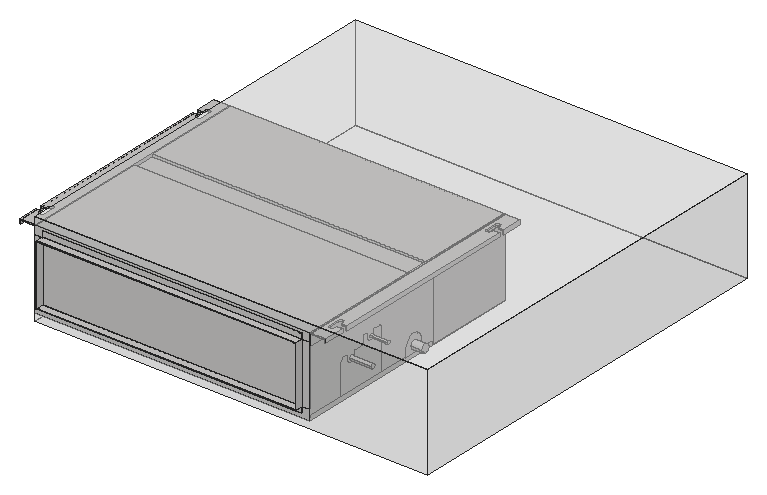
Revit family "outputfile", category 機械設備, Revit 2024
Family settings
  丸型コネクタ寸法 = 半径を使用
  パーツ タイプ = 標準
  OmniClass 番号 = 23.75.10.24.21.27.27
  OmniClass タイトル = Split System Air Conditioning Units
  作業面ベース = いいえ
  常に垂直 = はい
  ロード時にボイドで切り取り = いいえ
  注釈の向きを維持 = いいえ
  共有 = いいえ
  部屋計算ポイント = はい
Parameters (values of type "FDKS25EAVMB")
  Description = ""
  書き出し IFC クラス(タイプ) = "IfcUnitaryEquipmentType"
  定義済み IFC タイプ(タイプ) = "AIRCONDITIONINGUNIT"
  Cost = 0
  Type Comments = ""
  Keynote = ""
  Type Image = (empty or 0)
  Assembly Code = ""
  switch_frequency = yes
  ld_powersupply = Depth / 2  # 310.0 mm
  製造元 = "Daikin"
  モデル = "FDKS25EAVMB"
  r_Liquid Pipe Size = Liquid Pipe Size / 2  # 3.2 mm
  r_Gas Pipe Size = Gas Pipe Size / 2  # 4.75 mm
  r_Drain Pipe Size = Drain Pipe Size / 2  # 10.0 mm
  lw_powersupply = 50.0 mm  # constant formula
  lw_ductflange2 = 620.0 mm
  lw_Width = 660.0 mm
  lh_suctionflange [instance] = 100.0 mm  # constant formula
  ld_suctionflange [instance] = if(Rear Connection_Return Air, 190.0 mm, 100.0 mm)  # 190.0 mm
  connector_voltage = Voltage_50Hz  # 230 V
  connector_powerinput = [Power Input (Cooling)]  # 0.000 kW
  connector_phase = Phase_50Hz  # 1
  angle_vertical_RA [instance] = if(Rear Connection_Return Air, 90.00°, 0.00°)  # 90.00°
  angle horizontal_RA [instance] = if(Rear Connection_Return Air, 180.00°, 270.00°)  # 180.00°
  Voltage_comment_50Hz = "220 - 240"
  Voltage_50Hz = 230 V
  URL = ""
  Supply Air Direction [instance] = yes
  Sound Power Level_H speed (dB) = 0
  Rear Connection_Return Air [instance] = not(Bottom Connection_Return Air)  # yes
  RA_length [instance] = if(Rear Connection_Return Air, 190.0 mm, 100.0 mm)  # 190.0 mm
  Phase_50Hz = 1
  Minimum External Static Pressure = 0.00 Pa
  Minimum Circuit Amps_50Hz = 0.0 A
  Maximum Fuse Amps_50Hz = 0.0 A
  Maximum External Static Pressure = 30.00 Pa
  Material_Casing = DAIKIN_GalvanizedSteel_Casing_indoorunit
  lw_liquidpipe = 46.0 mm  # constant formula
  lw_gaspipe = 57.0 mm  # constant formula
  lw_mountinghole = 740.0 mm
  lw_drainpipe = 30.0 mm  # constant formula
  lh_powersupply = 150.0 mm  # constant formula
  lh_liquidpipe = 90.0 mm  # constant formula
  lh_gaspipe = 113.0 mm  # constant formula
  lh_mountinghole = Height  # 200.0 mm
  lh_drainpipe = 170.0 mm  # constant formula
  lh_antena = 1.0 mm  # constant formula
  ld_liquidpipe = 193.0 mm  # constant formula
  ld_gaspipe = 130.0 mm  # constant formula
  ld_mountinghole = 500.0 mm  # constant formula
  ld_drainpipe = 330.0 mm  # constant formula
  ld_controlbox = 626.0 mm  # constant formula
  h*** = 0.0 mm  # constant formula
  d_dischargeflange = 21.2 mm  # constant formula
  Width = 700.0 mm
  Version = "ver.1.0"
  Unit Type = "Duct (L.S.P)"
  Unit Mass Weight = 21.00 kg
  Unit Designation [instance] = ""
  Uniclass2015Version = "Products v1.30"
  Uniclass2015Title = "Split coil room air conditioning units"
  Uniclass2015Code = "Pr_70_65_03_86"
  Total Cooling Capacity [instance] = 0.000 kW
  Sound Pressure Level_M speed (dBA) = 33
  Sound Pressure Level_L speed (dBA) = 31
  Sound Pressure Level_H speed (dBA) = 35
  Series = "Multi Split_Fan Coil Unit"
  Sensible Cooling Capacity [instance] = 0.000 kW
  SA Duct Size Width = 660.0 mm
  SA Duct Size Height = 153.0 mm
  Refrigerant Type = "R410A"
  RA Duct Size Width = 580.0 mm
  RA Duct Size Height = 160.0 mm
  Power Input (Cooling) = 0.000 kW
  Option Accessory 3 [instance] = ""
  Option Accessory 2 [instance] = ""
  Option Accessory 1 [instance] = ""
  Nominal Cooling Capacity = 2.500 kW
  Minimum Airflow = 438.00 m³/h
  Median Airflow = 480.00 m³/h
  Maximum Airflow = 522.00 m³/h
  Load Classification = HVAC
  Liquid Pipe Size = 6.4 mm
  Link_Nested Family [instance] = ""
  IfcVersion = ""
  IfcExportType = "AIRCONDITIONINGUNIT"
  IfcExportAs = "IfcUnitaryEquipmentType"
  Height = 200.0 mm
  Heat Exchanger Type = "Cross Fin Coil"
  Gas Pipe Size = 9.5 mm
  Frequency_50Hz = 50 Hz
  Fan Type = "Sirocco Fan"
  Fan Drive = "Direct Drive"
  FCU Tag No. [instance] = ""
  Drain Pipe Size = 20.0 mm
  Design Supply Airflow [instance] = 0.00 m³/h
  Design Return Airflow [instance] = 0.00 m³/h
  Design External Static Pressure [instance] = 0.00 Pa
  Depth = 620.0 mm
  既定の高さ = 0.0 mm
  Cooling Entering Wet Bulb Temperature [instance] = 0.00 °C
  Cooling Entering Dry Bulb Temperature [instance] = 0.00 °C
  Cooling Ambient Wet Bulb Temperature [instance] = 0.00 °C
  Cooling Ambient Dry Bulb Temperature [instance] = 0.00 °C
  Clearance visibility [instance] = yes
  Clearance Top = 20.0 mm
  Clearance Right = 300.0 mm
  Clearance Rear = 400.0 mm
  Clearance Left = 0.0 mm
  Clearance Front = 0.0 mm
  Clearance Bottom = 20.0 mm
  Bottom Connection_Return Air [instance] = no
Reference planes
  plane 1 "Center (Front/Back)": y = 0
  plane 2: z = 0
  plane 3 "Center (Left/Right)": x = 0
  plane 4 "Back": y = 310
  plane 5 "Front": y = -310
  plane 6 "Left": x = -350
  plane 7 "Right": x = 350
  plane 8 "Top": z = 0
  plane 9 "Bottom": z = -200
  plane 10: x = -370
  plane 11: x = 370
  plane 12: y = 250
  plane 13: z = 0
  plane 14 "Clearance Left": x = -350
  plane 15 "Clearance Right": x = 650
  plane 16 "Clearance Rear": y = 710
  plane 17 "Clearance Front": y = -310
  plane 18 "Clearance Top": z = 20
  plane 19 "Clearance Bottom": z = -220
  plane 20: y = -250
  plane 21: z = -21
  plane 22: z = -97.5
  plane 23: x = -40
  plane 24: y = 120
  plane 25: z = -100
  plane 26: y = -180
  plane 27: z = -113
  plane 28: y = -117
  plane 29: z = -90
  plane 30: y = 20
  plane 31: z = -170
  plane 32: x = 407
  plane 33: x = 396
  plane 34: x = 380
  plane 35: x = 300
  plane 36: z = -150
Forms (mm)
  Extrusion 1, solid, material "DAIKIN_GalvanizedSteel_Casing_indoorunit" <- "Material_Casing"
    sketch origin (0, 0, 0) x (1, 0, 0) y (0, 1, 0)
      loop
        line (-350, -310) -> (350, -310) -> (350, 310) -> (-350, 310) -> (-350, -310)
    from -200 to 0
  Extrusion 2, void
    sketch origin (0, 0, 1) x (1, 0, 0) y (0, 1, 0)
      loop
        line (-350, 61.5) -> (-350, 3.5) -> (350, 3.5) -> (350, 61.5) -> (-350, 61.5)
    from -1 to -7
  Extrusion 3, solid, material "DAIKIN_GalvanizedSteel_Casing_indoorunit" <- "Material_Casing", visible <- "Bottom Connection_Return Air"
    sketch origin (0, 0, 0) x (1, 0, 0) y (0, 0, 1)
      loop
        line (269, -200) -> (269, -1) -> (-349, -1) -> (-349, -200) -> (269, -200)
    from -310 to -309
  Extrusion 4, solid, material "DAIKIN_GalvanizedSteel_Casing_indoorunit" <- "Material_Casing", visible <- "Rear Connection_Return Air"
    sketch origin (0, 0, 0) x (1, 0, 0) y (0, 1, 0)
      loop
        line (-349, 310) -> (-349, 111) -> (269, 111) -> (269, 310) -> (-349, 310)
    from -200 to -199
  Extrusion 5, solid, material "DAIKIN_GalvanizedSteel_Casing_indoorunit" <- "Material_Casing"
    sketch origin (350, 0, 0) x (0, 1, 0) y (0, 0, 1)
      loop
        circle (-180, -113) r 4.75
    from 0 to 57
  Extrusion 6, solid, material "DAIKIN_GalvanizedSteel_Casing_indoorunit" <- "Material_Casing"
    sketch origin (350, 0, 0) x (0, 1, 0) y (0, 0, 1)
      loop
        circle (-117, -90) r 3.2
    from 0 to 46
  Extrusion 7, solid, material "DAIKIN_GalvanizedSteel_Casing_indoorunit" <- "Material_Casing"
    sketch origin (350, 0, 0) x (0, 1, 0) y (0, 0, 1)
      loop
        circle (20, -170) r 10
    from 0 to 30
  Extrusion 8, solid, material "DAIKIN_GalvanizedSteel_Casing_indoorunit" <- "Material_Casing"
    sketch origin (350, 0, 0) x (0, 1, 0) y (0, 0, 1)
      loop
        line (-310, -200) -> (78.6, -200) -> (78.6, -193)
        arc (78.6, -193) -> (77.721, -190.879) -> (75.6, -190) r 3
        line (75.6, -190) -> (-310, -190) -> (-310, -200)
    from 0 to -1
  Extrusion 9, solid, material "DAIKIN_GalvanizedSteel_Casing_indoorunit" <- "Material_Casing"
    sketch origin (350, 0, 0) x (0, 1, 0) y (0, 0, 1)
      loop
        line (-210, -190) -> (-85.6, -190) -> (-85.6, -83)
        arc (-85.6, -83) -> (-86.479, -80.879) -> (-88.6, -80) r 3
        line (-88.6, -80) -> (-102, -80)
        arc (-102, -80) -> (-104.121, -80.879) -> (-105, -83) r 3
        line (-105, -83) -> (-105, -90)
        arc (-105, -90) -> (-117, -102) -> (-129, -90) r 12
        line (-129, -90) -> (-129, -83)
        arc (-129, -83) -> (-129.879, -80.879) -> (-132, -80) r 3
        line (-132, -80) -> (-136.1, -80)
        arc (-136.1, -80) -> (-138.221, -80.879) -> (-139.1, -83) r 3
        line (-139.1, -83) -> (-139.1, -102.7) -> (-165, -102.7)
        arc (-165, -102.7) -> (-167.121, -103.579) -> (-168, -105.7) r 3
        line (-168, -105.7) -> (-168, -113)
        arc (-168, -113) -> (-180, -125) -> (-192, -113) r 12
        line (-192, -113) -> (-192, -105.7)
        arc (-192, -105.7) -> (-192.879, -103.579) -> (-195, -102.7) r 3
        line (-195, -102.7) -> (-207, -102.7)
        arc (-207, -102.7) -> (-209.121, -103.579) -> (-210, -105.7) r 3
        line (-210, -105.7) -> (-210, -190)
    from 0 to -1
  Extrusion 10, solid, material "DAIKIN_GalvanizedSteel_Casing_indoorunit" <- "Material_Casing"
    sketch origin (350, 0, 0) x (0, 1, 0) y (0, 0, 1)
      loop
        arc (44.5, -170) -> (20, -145.5) -> (-4.5, -170) r 24.5
        line (-4.5, -170) -> (-4.5, -190) -> (44.5, -190) -> (44.5, -170)
    from 0 to -1
  Extrusion 11, solid, material "DAIKIN_GalvanizedSteel_Casing_indoorunit" <- "Material_Casing"
    sketch origin (350, 0, 0) x (0, 1, 0) y (0, 0, 1)
      loop
        arc (86.6, -22) -> (84.479, -22.879) -> (83.6, -25) r 3
        line (83.6, -25) -> (83.6, -194.5)
        arc (83.6, -194.5) -> (84.479, -196.621) -> (86.6, -197.5) r 3
        line (86.6, -197.5) -> (307, -197.5)
        arc (307, -197.5) -> (309.121, -196.621) -> (310, -194.5) r 3
        line (310, -194.5) -> (310, -25)
        arc (310, -25) -> (309.121, -22.879) -> (307, -22) r 3
        line (307, -22) -> (86.6, -22)
    from 0 to -1
Cuts and joins
  Extrusion 2 cuts Extrusion 1
Dimensions and locks
  "Height": plane 8 "Top" to plane 9 "Bottom"
  equal spacing: plane 10, plane 3 "Center (Left/Right)", plane 11
  "lw_mountinghole": plane 10 to plane 11
  equal spacing: plane 6 "Left", plane 3 "Center (Left/Right)", plane 7 "Right"
  "Width": plane 6 "Left" to plane 7 "Right"
  "Clearance Right": plane 7 "Right" to plane 15 "Clearance Right"
  "Clearance Left": plane 14 "Clearance Left" to plane 6 "Left"
  "Clearance Rear": plane 16 "Clearance Rear" to plane 4 "Back"
  "Clearance Front": plane 5 "Front" to plane 17 "Clearance Front"
  "Clearance Top": plane 18 "Clearance Top" to plane 8 "Top"
  "Clearance Bottom": plane 9 "Bottom" to plane 19 "Clearance Bottom"
  "Depth": plane 4 "Back" to plane 5 "Front"
  equal spacing: plane 4 "Back", plane 1 "Center (Front/Back)", plane 5 "Front"
  Extrusion 3 sketch curve to Extrusion 3 sketch curve = 199.0 mm
  locked: plane 20 to plane 5 "Front" at 60
  "ld_mountinghole": plane 12 to plane 20
  locked: plane 8 "Top" to plane 21 at 21
  locked: plane 23 to plane 3 "Center (Left/Right)" at 40
  "ld_suctionflange": plane 4 "Back" to plane 24
  "lh_suctionflange": plane 8 "Top" to plane 25
  "ld_gaspipe": plane 26 to plane 5 "Front"
  "lh_gaspipe": plane 8 "Top" to plane 27
  "ld_liquidpipe": plane 28 to plane 5 "Front"
  "lh_liquidpipe": plane 8 "Top" to plane 29
  "ld_drainpipe": plane 30 to plane 5 "Front"
  "lh_drainpipe": plane 8 "Top" to plane 31
  "lw_gaspipe": plane 7 "Right" to plane 32
  "lw_liquidpipe": plane 7 "Right" to plane 33
  "lw_drainpipe": plane 7 "Right" to plane 34
  "lw_powersupply": plane 35 to plane 7 "Right"
  "lh_powersupply": plane 8 "Top" to plane 36
  "r_Gas Pipe Size": radius of Extrusion 5 sketch curve
  "r_Liquid Pipe Size": radius of Extrusion 6 sketch curve
  "r_Drain Pipe Size": radius of Extrusion 7 sketch curve
  aligned and locked: level to plane 2
  aligned and locked: Extrusion 1 to plane 9 "Bottom"
  aligned and locked: plane 8 "Top" to Extrusion 1
  aligned and locked: plane 11 to nested 2
  aligned and locked: plane 10 to nested 3
  aligned and locked: plane 10 to nested 4
  aligned and locked: plane 8 "Top" to Extrusion 2
  aligned and locked: plane 9 "Bottom" to Extrusion 4  (x2)
  aligned and locked: plane 7 "Right" to cut or joined group of Extrusion 1, Extrusion 2  (x2)
  aligned and locked: plane 3 "Center (Left/Right)" to nested 9
  aligned and locked: plane 6 "Left" to nested 7
  aligned and locked: plane 8 "Top" to nested 9
  aligned and locked: plane 11 to nested 1
  aligned and locked: nested 6 to plane 1 "Center (Front/Back)"
  aligned and locked: plane 3 "Center (Left/Right)" to nested 6
  aligned and locked: level to plane 8 "Top"
  aligned and locked: plane 1 "Center (Front/Back)" to nested 9
  aligned and locked: plane 5 "Front" to nested 10
  aligned and locked: Extrusion 1 sketch curve to plane 5 "Front"
  aligned and locked: plane 21 to nested 10
  aligned and locked: nested 5 to plane 5 "Front"
  aligned and locked: plane 3 "Center (Left/Right)" to nested 5
  aligned and locked: plane 22 to nested 5
  aligned and locked: Extrusion 2 sketch curve to plane 6 "Left"
  aligned and locked: plane 7 "Right" to Extrusion 2 sketch curve
  aligned and locked: nested 11 to plane 23
  aligned and locked: nested 11 to plane 24
  aligned and locked: plane 27 to Extrusion 5 sketch curve
  aligned and locked: plane 26 to Extrusion 5 sketch curve
  aligned and locked: plane 28 to Extrusion 6 sketch curve
  aligned and locked: plane 29 to Extrusion 6 sketch curve
  aligned and locked: plane 31 to Extrusion 7 sketch curve
  aligned and locked: plane 30 to Extrusion 7 sketch curve
  aligned and locked: plane 26 to nested 12
  aligned and locked: nested 12 to plane 27
  aligned and locked: plane 32 to Extrusion 5
  aligned and locked: plane 32 to nested 12
  aligned and locked: plane 33 to Extrusion 6
  aligned and locked: plane 28 to nested 13
  aligned and locked: nested 13 to plane 29
  aligned and locked: plane 33 to nested 13
  aligned and locked: plane 34 to Extrusion 7
  aligned and locked: plane 30 to nested 14
  aligned and locked: nested 14 to plane 31
  aligned and locked: plane 34 to nested 14
  aligned and locked: Extrusion 8 sketch curve to plane 9 "Bottom"
  aligned and locked: Extrusion 8 sketch curve to plane 5 "Front"
  aligned and locked: plane 14 "Clearance Left" to nested 15
  aligned and locked: plane 15 "Clearance Right" to nested 15
  aligned and locked: plane 16 "Clearance Rear" to nested 15
  aligned and locked: nested 15 to plane 17 "Clearance Front"
  aligned and locked: nested 15 to plane 18 "Clearance Top"
  aligned and locked: nested 15 to plane 19 "Clearance Bottom"
  aligned and locked: nested 16 to plane 35
  aligned and locked: nested 16 to plane 36
  aligned and locked: plane 4 "Back" to nested 16
Automatic sketch dimensions
  Extrusion 1 sketch curve to plane 4 "Back" = 0.0 mm
  Extrusion 1 sketch curve to plane 6 "Left" = 0.0 mm
  Extrusion 1 sketch curve to plane 7 "Right" = 0.0 mm
  Extrusion 4 sketch curve to plane 4 "Back" = 0.0 mm
  plane 6 "Left" to Extrusion 3 sketch curve = 1.0 mm
  plane 6 "Left" to Extrusion 4 sketch curve = 1.0 mm
  Extrusion 4 sketch curve to plane 1 "Center (Front/Back)" = 111.0 mm
  Extrusion 3 sketch curve to plane 9 "Bottom" = 0.0 mm
  Extrusion 3 sketch curve to plane 7 "Right" = 81.0 mm
  Extrusion 4 sketch curve to plane 7 "Right" = 81.0 mm
  Extrusion 2 sketch curve to plane 1 "Center (Front/Back)" = 3.5 mm
  Extrusion 2 sketch curve to Extrusion 2 sketch curve = 58.0 mm
  plane 9 "Bottom" to Extrusion 8 sketch curve = 7.0 mm
  Extrusion 8 sketch curve to plane 24 = 44.4 mm
  Extrusion 8 sketch curve to Extrusion 8 sketch curve = 3.0 mm
  Extrusion 9 sketch curve to plane 27 = 0.0 mm
  Extrusion 9 sketch curve to plane 26 = 0.0 mm
  Extrusion 9 sketch curve to plane 29 = 0.0 mm
  Extrusion 9 sketch curve to plane 28 = 0.0 mm
  Extrusion 9 sketch curve to plane 26 = 12.0 mm
  Extrusion 9 sketch curve to plane 25 = 2.7 mm  (x2)
  Extrusion 9 sketch curve to Extrusion 9 sketch curve = 3.0 mm  (x6)
  Extrusion 9 sketch curve to Extrusion 9 sketch curve = 12.0 mm
  plane 9 "Bottom" to Extrusion 9 sketch curve = 10.0 mm
  Extrusion 9 sketch curve to plane 26 = 30.0 mm
  Extrusion 9 sketch curve to plane 28 = 22.1 mm
  Extrusion 9 sketch curve to Extrusion 9 sketch curve = 4.1 mm
  plane 29 to Extrusion 9 sketch curve = 7.0 mm  (x2)
  Extrusion 9 sketch curve to Extrusion 9 sketch curve = 13.4 mm
  Extrusion 10 sketch curve to plane 30 = 0.0 mm
  Extrusion 10 sketch curve to plane 31 = 0.0 mm
  plane 1 "Center (Front/Back)" to Extrusion 10 sketch curve = 4.5 mm
  plane 9 "Bottom" to Extrusion 10 sketch curve = 10.0 mm
  Extrusion 11 sketch curve to plane 4 "Back" = 0.0 mm
  Extrusion 11 sketch curve to Extrusion 11 sketch curve = 3.0 mm  (x3)
  Extrusion 11 sketch curve to plane 21 = 1.0 mm
  Extrusion 11 sketch curve to plane 21 = 4.0 mm
  Extrusion 11 sketch curve to plane 24 = 33.4 mm
  plane 9 "Bottom" to Extrusion 11 sketch curve = 5.5 mm
Nested families
  nested 1: "daikin_mountinghole" at (370, 250, -200), l_antenna <- "lh_antena", Link_Nested Family <- "Link_Nested Family", h_mountinghole <- "lh_mountinghole", type "daikin_mountinghole"
    with show yes, l_antenna 1.0 mm, h_mountinghole 200.0 mm, Link_Nested Family ""
  nested 2: "daikin_mountinghole" at (370, -250, -200), Link_Nested Family <- "Link_Nested Family", l_antenna <- "lh_antena", h_mountinghole <- "lh_mountinghole", type "daikin_mountinghole"
    with show yes, l_antenna 1.0 mm, h_mountinghole 200.0 mm, Link_Nested Family ""
  nested 3: "daikin_mountinghole" at (-370, -250, -200), l_antenna <- "lh_antena", Link_Nested Family <- "Link_Nested Family", h_mountinghole <- "lh_mountinghole", type "daikin_mountinghole"
    with show yes, l_antenna 1.0 mm, h_mountinghole 200.0 mm, Link_Nested Family ""
  nested 4: "daikin_mountinghole" at (-370, 250, -200), l_antenna <- "lh_antena", Link_Nested Family <- "Link_Nested Family", h_mountinghole <- "lh_mountinghole", type "daikin_mountinghole"
    with show yes, l_antenna 1.0 mm, h_mountinghole 200.0 mm, Link_Nested Family ""
  nested 5: "daikin_connector_rotate2" at (0, -310, -97.5), length <- "d_dischargeflange", type "daikin_connector_rotate2"
    with radius 10.0 mm, length 21.2 mm, angle_vertical 90.00°, show_face no
  nested 6: "daikin_△_symbolicline" at (-75, -129.904, 200) x (-0.5, 0.866, 0) z (0, 0, 1), built-in parameter 1001364 <- "Height", visible <- "Supply Air Direction", type "daikin_△_symbolicline"
    with length 300.0 mm
  nested 7: "daikin_ductflange_FDKS-EAVMB_1" at (-40, 310, -100), visible <- "Rear Connection_Return Air", material <- "Material_Casing", width <- "lw_ductflange2", type "daikin_ductflange_FDKS-EAVMB_1"
    with width 620.0 mm, material DAIKIN_GalvanizedSteel_Casing_indoorunit, height 180.0 mm, depth 21.2 mm
  nested 8: "daikin_ductflange_FDKS-EAVMB_1" at (-40, 210, -200) x (1, 0, 0) z (0, 1, 0), visible <- "Bottom Connection_Return Air", material <- "Material_Casing", width <- "lw_ductflange2", type "daikin_ductflange_FDKS-EAVMB_1"
    with width 620.0 mm, material DAIKIN_GalvanizedSteel_Casing_indoorunit, height 180.0 mm, depth 21.2 mm
  nested 9: "daikin_hangerfixture_FDKS-EAVMB" at (0, 0, 0), type "daikin_hangerfixture_FDKS-EAVMB"
  nested 10: "daikin_ductflange_FDKS-EAVMB" at (0, 3.5, -364.201), width <- "lw_Width", material <- "Material_Casing", type "daikin_ductflange_FDKS-EAVMB"
    with width 660.0 mm, material DAIKIN_GalvanizedSteel_Casing_indoorunit, height 155.0 mm, depth 21.2 mm
  nested 11: "daikin_connector_rotate3" at (-40, 120, -100), length <- "RA_length", angle_vertical <- "angle_vertical_RA", angle_horizontal <- "angle horizontal_RA", type "daikin_connector_rotate3"
    with show no, radius 10.0 mm, length 190.0 mm, angle_vertical 90.00°, angle_horizontal 180.00°
  nested 12: "daikin_connector_rotate2" at (350, -180, -113) x (0, 1, 0) z (0, 0, 1), length <- "lw_gaspipe", radius <- "r_Gas Pipe Size", type "daikin_connector_rotate2"
    with radius 4.75 mm, length 57.0 mm, angle_vertical 90.00°, show_face no
  nested 13: "daikin_connector_rotate2" at (350, -117, -90) x (0, 1, 0) z (0, 0, 1), radius <- "r_Liquid Pipe Size", length <- "lw_liquidpipe", type "daikin_connector_rotate2"
    with radius 3.2 mm, length 46.0 mm, angle_vertical 90.00°, show_face no
  nested 14: "daikin_connector_rotate2" at (350, 20, -170) x (0, 1, 0) z (0, 0, 1), radius <- "r_Drain Pipe Size", length <- "lw_drainpipe", type "daikin_connector_rotate2"
    with radius 10.0 mm, length 30.0 mm, angle_vertical 90.00°, show_face no
  nested 15: "daikin_clearancespace" at (150, 200, -99.881), visible <- "Clearance visibility", Link_Nested Family <- "Link_Nested Family", show <- "Clearance visibility", type "daikin_clearancespace"
    with width 1000.0 mm, show yes, height 240.0 mm, depth 1020.0 mm, Link_Nested Family ""
  nested 16: "daikin_connector_rotate2" at (300, 0, -150) x (-1, 0, 0) z (0, 0, 1), length <- "ld_powersupply", type "daikin_connector_rotate2"
    with radius 10.0 mm, length 310.0 mm, angle_vertical 90.00°, show_face no
Connectors
  hvac at (0, -331.2, -97.5), driven by "SA Duct Size Height", driven by "SA Duct Size Width"
    settings: on nested 5, index 1, duct flow 0.00 m³/h, flow factor 0, pres drop 0.00 Pa, loss coef 0, conn angle 0.00°, conn width 660.0 mm, conn height 153.0 mm, conn diameter 609.6 mm, duct sys type 1, conn prof type 1, flow config 0, flow direction 2, loss method 4, conn ref index -1, conn util no, is conn primary yes, conn desc "SA Duct"
  hvac at (-40, 310, -100), driven by "RA Duct Size Height", driven by "RA Duct Size Width"
    settings: on nested 11, index 2, duct flow 0.00 m³/h, flow factor 0, pres drop 0.00 Pa, loss coef 0, conn angle 0.00°, conn width 580.0 mm, conn height 160.0 mm, conn diameter 609.6 mm, duct sys type 2, conn prof type 1, flow config 0, flow direction 1, loss method 4, conn ref index -1, conn util no, is conn primary no, conn desc "RA Duct"
  piping at (407, -180, -113), diameter 9.5, driven by "r_Gas Pipe Size"
    settings: on nested 12, index 3, connector inside diameter 609.6 mm, connector length 0.0 mm, flow factor 0, pipe flow 0.00 m³/h, pressure drop 0.0 Pa, fitting loss kfactor 0, connector angle 0.00°, fixture units 0, engagement length 0.0 mm, angle of deflection 0.00°, flow configuration 1, flow direction 2, fitting loss method 0, system type 29, joint type 0, gender type 0, connector reference index -1, connector utility 0, adjustable connector no, is connector primary yes, connector description "Refrigerant Gas Piping"
  piping at (396, -117, -90), diameter 6.4, driven by "r_Liquid Pipe Size"
    settings: on nested 13, index 4, connector inside diameter 609.6 mm, connector length 0.0 mm, flow factor 0, pipe flow 0.00 m³/h, pressure drop 0.0 Pa, fitting loss kfactor 0, connector angle 0.00°, fixture units 0, engagement length 0.0 mm, angle of deflection 0.00°, flow configuration 1, flow direction 1, fitting loss method 0, system type 29, joint type 0, gender type 0, connector reference index -1, connector utility 0, adjustable connector no, is connector primary no, connector description "Refrigerant Liquid Piping"
  piping at (380, 20, -170), diameter 20, driven by "r_Drain Pipe Size"
    settings: on nested 14, index 5, connector inside diameter 609.6 mm, connector length 0.0 mm, flow factor 0, pipe flow 0.00 m³/h, pressure drop 0.0 Pa, fitting loss kfactor 0, connector angle 0.00°, fixture units 0, engagement length 0.0 mm, angle of deflection 0.00°, flow configuration 1, flow direction 2, fitting loss method 4, system type 16, joint type 0, gender type 0, connector reference index -1, connector utility 0, adjustable connector no, is connector primary no, connector description "Condensate Drain Piping"
  electrical at (300, 310, -150), driven by "Load Classification", driven by "connector_voltage", driven by "connector_phase", driven by "connector_powerinput"
    settings: on nested 16, index 6, voltage 230 V, apparent load 0 VA, apparent load phase1 0 VA, apparent load phase2 0 VA, apparent load phase3 0 VA, power factor 1, load classification "HVAC", number of poles 1, system type 30, power factor state 1, is connector primary yes, connector utility no, sub classification motor no, connector description "Power Supply"
Definition of nested family "daikin_ductflange_FDKS-EAVMB_1"
  Parameters (values of type "daikin_ductflange_FDKS-EAVMB_1")
    width [instance] = 620.0 mm
    material [instance] = none
    height [instance] = 180.0 mm
    depth [instance] = 21.2 mm
    Default Elevation = 0.0 mm
  Reference planes
    plane 1 "Center (Front/Back)": y = 0
    plane 2: z = 0
    plane 3 "Center (Left/Right)": x = 0
    plane 4: x = -310
    plane 5: x = 310
    plane 6: z = 90
    plane 7: z = -90
    plane 8: z = 100
    plane 9: z = -100
    plane 10: x = -309
    plane 11: x = 309
  Forms (mm)
    Extrusion 1, solid, material <- "material"
      sketch origin (0, 0, 0) x (1, 0, 0) y (0, 0, 1)
        loop
          line (-290, 80) -> (-290, -80) -> (290, -80) -> (290, 80) -> (-290, 80)
        loop
          line (-309, -99) -> (309, -99) -> (309, 99) -> (-309, 99) -> (-309, -99)
      from 0 to 1
  Dimensions and locks
    equal spacing: plane 5, plane 3 "Center (Left/Right)", plane 4, locked at 310 each
    "width": plane 5 to plane 4
    equal spacing: plane 6, level, plane 7, locked at 90 each
    "height": plane 6 to plane 7
    equal spacing: plane 8, level, plane 9, locked at 100 each
    locked: plane 8 to plane 9 at 200
    plane 10 to plane 4 = 1.0 mm
    locked: plane 5 to plane 11 at 1
    locked: Extrusion 1 sketch curve to Extrusion 1 sketch curve at 19  (x4)
    locked: plane 8 to Extrusion 1 sketch curve at 1
    locked: Extrusion 1 sketch curve to plane 9 at 1
    aligned and locked: level to plane 2
  Automatic sketch dimensions
    plane 4 to Extrusion 1 sketch curve = 1.0 mm
    Extrusion 1 sketch curve to plane 5 = 1.0 mm
Definition of nested family "daikin_hangerfixture_FDKS-EAVMB"
  Parameters (values of type "daikin_hangerfixture_CDKS-EAVMA")
    width = 700.0 mm
    material = none
    height = 30.0 mm
    depth = 618.0 mm
    Default Elevation = 0.0 mm
  Reference planes
    plane 1 "Center (Front/Back)": y = 0
    plane 2: z = 0
    plane 3 "Center (Left/Right)": x = 0
    plane 4: x = 350
    plane 5: y = 309
    plane 6: y = -309
    plane 7: x = -350
    plane 8: z = -30
  Forms (mm)
    Extrusion 1, solid, material <- "material"
      sketch origin (0, 0, 0) x (1, 0, 0) y (0, 0, 1)
        loop
          line (350, 0) -> (350, -30) -> (352.3, -30) -> (352.3, -2.3) -> (387.7, -2.3) -> (387.7, -10) -> (390, -10) -> (390, 0) -> (350, 0)
      from -309 to 309
    Extrusion 2, void
      sketch origin (0, 0, 0) x (0, 1, 0) y (0, 0, 1)
        loop
          line (309, -30) -> (309, -17.979) -> (87.935, -17.979) -> (75.914, -30) -> (309, -30)
      from 0 to 450
    Extrusion 3, void
      sketch origin (0, 0, 0) x (1, 0, 0) y (0, 1, 0)
        loop
          line (390, -243.5) -> (377, -243.5) -> (377, -237)
          arc (377, -237) -> (370, -230) -> (363, -237) r 7
          line (363, -237) -> (363, -263)
          arc (363, -263) -> (370, -270) -> (377, -263) r 7
          line (377, -263) -> (377, -256.5) -> (390, -256.5) -> (390, -243.5)
        loop
          line (390, 243.5) -> (390, 256.5) -> (377, 256.5) -> (377, 263)
          arc (377, 263) -> (370, 270) -> (363, 263) r 7
          line (363, 263) -> (363, 237)
          arc (363, 237) -> (370, 230) -> (377, 237) r 7
          line (377, 237) -> (377, 243.5) -> (390, 243.5)
      from -254.96 to 618
    Extrusion 4, solid, material <- "material"
      sketch origin (0, 0, 0) x (-1, 0, 0) y (0, 0, -1)
        loop
          line (350, 0) -> (390, 0) -> (390, 10) -> (387.7, 10) -> (387.7, 2.3) -> (352.3, 2.3) -> (352.3, 30) -> (350, 30) -> (350, 0)
      from -309 to 309
    Extrusion 5, void
      sketch origin (0, 0, 0) x (-1, 0, 0) y (0, -1, 0)
        loop
          line (390, 243.5) -> (390, 256.5) -> (377, 256.5) -> (377, 263)
          arc (377, 263) -> (370, 270) -> (363, 263) r 7
          line (363, 263) -> (363, 237)
          arc (363, 237) -> (370, 230) -> (377, 237) r 7
          line (377, 237) -> (377, 243.5) -> (390, 243.5)
        loop
          line (390, -243.5) -> (377, -243.5) -> (377, -237)
          arc (377, -237) -> (370, -230) -> (363, -237) r 7
          line (363, -237) -> (363, -263)
          arc (363, -263) -> (370, -270) -> (377, -263) r 7
          line (377, -263) -> (377, -256.5) -> (390, -256.5) -> (390, -243.5)
      from -254.96 to 618
  Cuts and joins
    Extrusion 2, Extrusion 3, Extrusion 5 cuts Extrusion 1
    Extrusion 5 cuts Extrusion 4
  Dimensions and locks
    equal spacing: plane 5, plane 1 "Center (Front/Back)", plane 6
    "depth": plane 5 to plane 6
    plane 6 to plane 1 "Center (Front/Back)" to plane 5 = 309.0 mm, 309.0 mm
    equal spacing: plane 4, plane 3 "Center (Left/Right)", plane 7
    "width": plane 4 to plane 7
    "height": level to plane 8
    aligned and locked: level to plane 2
    aligned and locked: plane 5 to Extrusion 1
    aligned and locked: Extrusion 1 to plane 6
    aligned and locked: Extrusion 1 to plane 4
    aligned and locked: plane 5 to cut or joined group of Extrusion 1, Extrusion 2, Extrusion 3, Extrusion 5
    aligned and locked: cut or joined group of Extrusion 1, Extrusion 2, Extrusion 3, Extrusion 5 to plane 6
    aligned and locked: level to cut or joined group of Extrusion 1, Extrusion 2, Extrusion 3, Extrusion 5
    aligned and locked: cut or joined group of Extrusion 1, Extrusion 2, Extrusion 3, Extrusion 5 to plane 8
    aligned and locked: plane 5 to cut or joined group of Extrusion 4, Extrusion 5
    aligned and locked: cut or joined group of Extrusion 4, Extrusion 5 to plane 6
  Automatic sketch dimensions
    Extrusion 1 sketch curve to plane 4 = 0.0 mm
    Extrusion 1 sketch curve to plane 8 = 0.0 mm
    Extrusion 1 sketch curve to level = 0.0 mm
    plane 4 to Extrusion 1 sketch curve = 2.3 mm
    Extrusion 1 sketch curve to level = 2.3 mm
    Extrusion 1 sketch curve to Extrusion 1 sketch curve = 35.4 mm
    Extrusion 1 sketch curve to Extrusion 1 sketch curve = 2.3 mm
    Extrusion 1 sketch curve to Extrusion 1 sketch curve = 7.7 mm
    Extrusion 2 sketch curve to plane 8 = 0.0 mm
    Extrusion 2 sketch curve to plane 5 = 0.0 mm
    plane 8 to Extrusion 2 sketch curve = 12.021 mm
    Extrusion 2 sketch curve to plane 1 "Center (Front/Back)" = 87.935 mm
    Extrusion 2 sketch curve to Extrusion 2 sketch curve = 12.021 mm
    plane 4 to Extrusion 3 sketch curve = 13.0 mm  (x2)
    Extrusion 3 sketch curve to Extrusion 3 sketch curve = 7.0 mm  (x4)
    Extrusion 3 sketch curve to Extrusion 3 sketch curve = 13.0 mm  (x4)
    plane 6 to Extrusion 3 sketch curve = 46.0 mm
    Extrusion 3 sketch curve to Extrusion 3 sketch curve = 6.5 mm  (x4)
    Extrusion 3 sketch curve to plane 5 = 72.0 mm
    Extrusion 4 sketch curve to plane 7 = 0.0 mm
    Extrusion 4 sketch curve to plane 8 = 0.0 mm
    Extrusion 4 sketch curve to level = 0.0 mm
    Extrusion 4 sketch curve to plane 7 = 2.3 mm
    Extrusion 4 sketch curve to level = 2.3 mm
    Extrusion 4 sketch curve to Extrusion 4 sketch curve = 35.4 mm
    Extrusion 4 sketch curve to Extrusion 4 sketch curve = 2.3 mm
    Extrusion 4 sketch curve to Extrusion 4 sketch curve = 7.7 mm
    Extrusion 5 sketch curve to plane 7 = 13.0 mm  (x2)
    Extrusion 5 sketch curve to Extrusion 5 sketch curve = 7.0 mm  (x4)
    Extrusion 5 sketch curve to Extrusion 5 sketch curve = 13.0 mm  (x4)
    Extrusion 5 sketch curve to plane 5 = 46.0 mm
    Extrusion 5 sketch curve to Extrusion 5 sketch curve = 6.5 mm  (x4)
    plane 6 to Extrusion 5 sketch curve = 72.0 mm
Definition of nested family "daikin_ductflange_FDKS-EAVMB"
  Parameters (values of type "daikin_ductflange_FXDQ-NDVET")
    width [instance] = 660.0 mm
    material [instance] = none
    height [instance] = 155.0 mm
    depth [instance] = 21.2 mm
    Default Elevation = 0.0 mm
  Reference planes
    plane 1 "Center (Front/Back)": y = 0
    plane 2: z = 189.201
    plane 3 "Center (Left/Right)": x = 0
    plane 4: y = -313.5
    plane 5: x = -330
    plane 6: x = 330
    plane 7: y = -334.7
    plane 8: z = 344.201
    plane 9: z = 266.701
    plane 10: z = 343.201
    plane 11: z = 190.201
  Forms (mm)
    Extrusion 1, solid, material <- "material"
      sketch origin (0, 0, 189.201) x (1, 0, 0) y (0, 1, 0)
        loop
          line (-330, -334.7) -> (-330, -313.5) -> (-350, -313.5) -> (-350, -314.5) -> (-331, -314.5) -> (-331, -334.7) -> (-330, -334.7)
        loop
          line (330, -334.7) -> (331, -334.7) -> (331, -314.5) -> (350, -314.5) -> (350, -313.5) -> (330, -313.5) -> (330, -334.7)
      from 1 to 154
    Extrusion 2, solid, material <- "material"
      sketch origin (0, 0, 0) x (0, 1, 0) y (0, 0, 1)
        loop
          line (-313.5, 343.201) -> (-313.5, 358.201) -> (-314.5, 358.201) -> (-314.5, 344.201) -> (-334.7, 344.201) -> (-334.7, 343.201) -> (-313.5, 343.201)
        loop
          line (-313.5, 190.201) -> (-334.7, 190.201) -> (-334.7, 189.201) -> (-314.5, 189.201) -> (-314.5, 175.201) -> (-313.5, 175.201) -> (-313.5, 190.201)
      from -330 to 330
  Dimensions and locks
    plane 4 to plane 1 "Center (Front/Back)" = 313.5 mm
    "depth": plane 7 to plane 4
    equal spacing: plane 8, plane 9, level
    "height": plane 8 to level
    equal spacing: plane 6, plane 3 "Center (Left/Right)", plane 5
    "width": plane 6 to plane 5
    locked: plane 8 to plane 10 at 1
    locked: plane 11 to level at 1
    locked: Extrusion 1 to Extrusion 2 sketch curve at 1
    locked: Extrusion 2 sketch curve to Extrusion 1 at 1
    plane 10 to plane 11 = 153.0 mm
    aligned and locked: level to plane 2
    aligned and locked: Extrusion 2 to plane 5
    aligned and locked: Extrusion 2 to plane 11
    aligned and locked: Extrusion 2 to plane 10
    aligned and locked: plane 6 to Extrusion 2
    aligned and locked: plane 5 to Extrusion 2  (x2)
    aligned and locked: plane 5 to Extrusion 1  (x2)
    aligned and locked: Extrusion 1 to plane 6
    aligned and locked: plane 6 to Extrusion 1
    aligned and locked: Extrusion 1 to plane 10
  Automatic sketch dimensions
    Extrusion 2 sketch curve to plane 7 = 0.0 mm  (x2)
    Extrusion 2 sketch curve to plane 4 = 0.0 mm  (x2)
    Extrusion 2 sketch curve to plane 11 = 0.0 mm
    Extrusion 2 sketch curve to plane 10 = 0.0 mm
    Extrusion 2 sketch curve to plane 4 = 1.0 mm  (x2)
    Extrusion 2 sketch curve to level = 14.0 mm
    plane 8 to Extrusion 2 sketch curve = 14.0 mm
    Extrusion 1 sketch curve to plane 4 = 0.0 mm  (x2)
    Extrusion 1 sketch curve to plane 7 = 0.0 mm  (x2)
    Extrusion 1 sketch curve to plane 5 = 0.0 mm
    Extrusion 1 sketch curve to plane 6 = 0.0 mm
    Extrusion 1 sketch curve to plane 5 = 1.0 mm
    Extrusion 1 sketch curve to Extrusion 1 sketch curve = 19.0 mm  (x2)
    Extrusion 1 sketch curve to Extrusion 1 sketch curve = 1.0 mm
    Extrusion 1 sketch curve to plane 4 = 1.0 mm  (x2)
Definition of nested family "daikin_clearancespace"
  Parameters (values of type "daikin_clearancespace")
    Description = "daikin_clearancespace"
    width [instance] = 1823.963 mm
    show [instance] = yes
    material = none
    height [instance] = 1359.762 mm
    depth [instance] = 880.0 mm
    Default Elevation = 0.0 mm
    Link_Nested Family [instance] = ""
  Reference planes
    plane 1 "Center (Front/Back)": y = 0
    plane 2 "Center (Elevation)": z = -0.119
    plane 3 "Center (Left/Right)": x = 0
    plane 4: y = 440
    plane 5: y = -440
    plane 6 "Right": x = 911.982
    plane 7 "Left": x = -911.982
    plane 8 "Top": z = 679.762
    plane 9 "Bottom": z = -680
  Forms (mm)
    Extrusion 1, solid, material <- "material", visible <- "show"
      sketch origin (0, 0, 0) x (1, 0, 0) y (0, 1, 0)
        loop
          line (-911.982, 440) -> (-911.982, -440) -> (911.982, -440) -> (911.982, 440) -> (-911.982, 440)
      from -680 to 679.762
  Lines and regions (mm)
    symbolic lines, visible <- "show"
      curve 1: line (911.982, 440, 0) -> (-911.982, 440, 0)
      curve 2: line (-911.982, 440, 0) -> (-911.982, -440, 0)
      curve 3: line (-911.982, -440, 0) -> (911.982, -440, 0)
      curve 4: line (911.982, -440, 0) -> (911.982, 440, 0)
      curve 5: line (911.982, 0, 679.762) -> (-911.982, 0, 679.762)
      curve 6: line (911.982, 0, -680) -> (911.982, 0, 679.762)
      curve 7: line (-911.982, 0, -680) -> (911.982, 0, -680)
      curve 8: line (-911.982, 0, 679.762) -> (-911.982, 0, -680)
      curve 9: line (0, 440, 679.762) -> (0, -440, 679.762)
      curve 10: line (0, -440, 679.762) -> (0, -440, -680)
      curve 11: line (0, 440, -680) -> (0, 440, 679.762)
      curve 12: line (0, -440, -680) -> (0, 440, -680)
  Dimensions and locks
    "width": plane 7 "Left" to plane 6 "Right"
    "depth": plane 4 to plane 5
    "height": plane 8 "Top" to plane 9 "Bottom"
    equal spacing: plane 7 "Left", plane 3 "Center (Left/Right)", plane 6 "Right"
    equal spacing: plane 4, plane 1 "Center (Front/Back)", plane 5
    equal spacing: plane 8 "Top", plane 2 "Center (Elevation)", plane 9 "Bottom"
    aligned and locked: level to plane 2 "Center (Elevation)"
    aligned and locked: Extrusion 1 sketch curve to plane 4
    aligned and locked: plane 7 "Left" to Extrusion 1 sketch curve
    aligned and locked: Extrusion 1 sketch curve to plane 5
    aligned and locked: Extrusion 1 sketch curve to plane 6 "Right"
    aligned and locked: plane 8 "Top" to Extrusion 1
    aligned and locked: curve 1 to Extrusion 1
    aligned and locked: curve 2 to Extrusion 1
    aligned and locked: curve 3 to Extrusion 1
    aligned and locked: curve 4 to Extrusion 1
    aligned and locked: curve 5 to Extrusion 1
    aligned and locked: curve 6 to Extrusion 1
    aligned and locked: curve 7 to Extrusion 1
    aligned and locked: curve 8 to Extrusion 1
    aligned and locked: curve 9 to Extrusion 1
    aligned and locked: curve 10 to Extrusion 1
    aligned and locked: curve 11 to Extrusion 1
    aligned and locked: curve 12 to Extrusion 1
    aligned and locked: Extrusion 1 to plane 9 "Bottom"
Definition of nested family "daikin_mountinghole"
  Parameters (values of type "daikin_mountinghole")
    Default Elevation = 1219.2 mm
    Type Comments = "mountinghole"
    show [instance] = yes
    material = none
    l_centerline = 100.0 mm
    l_antenna [instance] = 100.0 mm
    h_mountinghole [instance] = 0.0 mm
    d_circle = 30.0 mm
    Link_Nested Family [instance] = ""
  Reference planes
    plane 1 "Center (Front/Back)": y = 0
    plane 2: z = 0
    plane 3 "Center (Left/Right)": x = 0
    plane 4: y = 50
    plane 5: x = -50
    plane 6: x = 50
    plane 7: y = -50
    plane 8 "h_mountinghole": z = 0
    plane 9: z = 100
  Lines and regions (mm)
    model lines, detail levels fine
      curve 1: circle (0, 0, 0) r 15 normal (0, 0, 1)
      curve 2: line (-50, 0, 0) -> (50, 0, 0)
      curve 3: line (0, 50, 0) -> (0, -50, 0)
    symbolic lines, detail levels fine
      curve 4: circle (0, 0, 0) r 15 normal (0, 0, 1)
      curve 5: line (-50, 0, 0) -> (50, 0, 0)
      curve 6: line (0, 50, 0) -> (0, -50, 0)
    model lines
      curve 7: line (0, 0, 100) -> (0, 0, 0)
  Dimensions and locks
    equal spacing: plane 4, plane 1 "Center (Front/Back)", plane 7
    "l_centerline": plane 4 to plane 7
    equal spacing: plane 5, plane 3 "Center (Left/Right)", plane 6
    "l_centerline": plane 5 to plane 6
    "l_antenna": plane 9 to plane 8 "h_mountinghole"
    "h_mountinghole": plane 8 "h_mountinghole" to plane 2
    "d_circle": diameter of curve 1
    "d_circle": diameter of curve 4
    aligned and locked: level to plane 2
    aligned and locked: plane 1 "Center (Front/Back)" to curve 1
    aligned and locked: plane 3 "Center (Left/Right)" to curve 1
    aligned and locked: plane 1 "Center (Front/Back)" to curve 2
    aligned and locked: curve 3 to plane 3 "Center (Left/Right)"
    aligned and locked: plane 6 to curve 2
    aligned and locked: plane 5 to curve 2
    aligned and locked: plane 4 to curve 3
    aligned and locked: plane 7 to curve 3
    aligned and locked: plane 1 "Center (Front/Back)" to curve 4
    aligned and locked: plane 3 "Center (Left/Right)" to curve 4
    aligned and locked: plane 6 to curve 5
    aligned and locked: plane 5 to curve 5
    aligned and locked: plane 1 "Center (Front/Back)" to curve 5
    aligned and locked: plane 4 to curve 6
    aligned and locked: plane 7 to curve 6
    aligned and locked: curve 6 to plane 3 "Center (Left/Right)"
    aligned and locked: curve 7 to plane 3 "Center (Left/Right)"
    aligned and locked: plane 9 to curve 7
    aligned and locked: plane 8 "h_mountinghole" to curve 7
Definition of nested family "daikin_connector_rotate2"
  Parameters (values of type "daikin_connector_rotate2")
    show_face = yes
    radius [instance] = 10.0 mm
    length [instance] = 600.0 mm
    d_surface = 10.0 mm
    angle_vertical [instance] = 90.00°
    Default Elevation = 0.0 mm
  Reference planes
    plane 1 "Center (Front/Back)": y = 0
    plane 2: z = 0
    plane 3 "Center (Left/Right)": x = 0
  Forms (mm)
    Extrusion 1, solid, visible <- "show_face"
      sketch origin (0, -600, 0) x (1, 0, 0) y (0, 0, 1)
        loop
          circle (0, 0) r 10
      from 0 to -10
  Lines and regions (mm)
    reference lines
      curve 1: line (0, 0, 0) -> (0, -600, 0)
    symbolic lines
      curve 2: circle (0, 0, 0) r 5 normal (0, 0, 1)
    model lines, visible <- "show_face"
      curve 3: line (0, 0, 0) -> (0, -600, 0)
  Dimensions and locks
    "length": curve 1 to curve 1
    "length": curve 3 to curve 3
    "d_surface": Extrusion 1 to Extrusion 1
    "radius": radius of Extrusion 1 sketch curve
    "angle_vertical": angle curve 1 to plane 1 "Center (Front/Back)"
    "angle_vertical": angle curve 3 to plane 1 "Center (Front/Back)"
    aligned and locked: level to plane 2
    aligned and locked: plane 1 "Center (Front/Back)" to curve 1
    aligned and locked: plane 2 to curve 1
    aligned and locked: plane 1 "Center (Front/Back)" to curve 2
    aligned and locked: plane 3 "Center (Left/Right)" to curve 2
    aligned and locked: plane 1 "Center (Front/Back)" to curve 3
    aligned and locked: plane 2 to curve 3
    aligned and locked: Extrusion 1 to Extrusion 1
  Automatic sketch dimensions
    Extrusion 1 sketch curve to level = 0.0 mm
    Extrusion 1 sketch curve to plane 3 "Center (Left/Right)" = 0.0 mm
    radius of curve 2 = 5.0 mm
Definition of nested family "daikin_△_symbolicline"
  Parameters (values of type "daikin_△_symbolicline")
    length [instance] = 500.0 mm
    Default Elevation = 0.0 mm
  Reference planes
    plane 1 "Center (Front/Back)": y = 0
    plane 2: z = 0
    plane 3 "Center (Left/Right)": x = 0
  Lines and regions (mm)
    symbolic lines
      curve 1: line (0, -433.013, 0) -> (250, 0, 0)
      curve 2: line (250, 0, 0) -> (-250, 0, 0)
      curve 3: line (-250, 0, 0) -> (0, -433.013, 0)
  Dimensions and locks
    equal spacing: curve 3, plane 3 "Center (Left/Right)", curve 2
    "length": curve 3 to curve 2
    "length": curve 3 to curve 3
    "length": curve 1 to curve 1
    aligned and locked: level to plane 2
    aligned and locked: curve 2 to plane 1 "Center (Front/Back)"
    aligned and locked: plane 3 "Center (Left/Right)" to curve 3
Definition of nested family "daikin_connector_rotate3"
  Parameters (values of type "daikin_connector_rotate3")
    Default Elevation = 1219.2 mm
    show [instance] = yes
    radius [instance] = 10.0 mm
    length [instance] = 600.0 mm
    angle_horizontal [instance] = 60.00°
    angle_vertical [instance] = 90.00°
  Reference planes
    plane 1 "Center (Front/Back)": y = 0
    plane 2: z = 0
    plane 3 "Center (Left/Right)": x = 0
  Dimensions and locks
    "angle_horizontal": angle plane 3 "Center (Left/Right)" to nested 1
    aligned and locked: level to plane 2
    aligned and locked: plane 1 "Center (Front/Back)" to nested 1  (x2)
    aligned and locked: plane 3 "Center (Left/Right)" to nested 1
  Nested families
    nested 1: "daikin_connector_rotate2" at (0, 0, 0) x (0.5, 0.866, 0) z (0, 0, 1), angle_vertical <- "angle_vertical", length <- "length", radius <- "radius", type "daikin_connector_rotate2"
      with radius 10.0 mm, length 600.0 mm, angle_vertical 90.00°
  Definition of nested family "daikin_connector_rotate2"
    Parameters (values of type "daikin_connector_rotate2")
      show_face = yes
      radius [instance] = 10.0 mm
      length [instance] = 600.0 mm
      d_surface = 10.0 mm
      angle_vertical [instance] = 90.00°
      Default Elevation = 0.0 mm
    Reference planes
      plane 1 "Center (Front/Back)": y = 0
      plane 2: z = 0
      plane 3 "Center (Left/Right)": x = 0
    Forms (mm)
      Extrusion 1, solid, visible <- "show_face"
        sketch origin (0, -600, 0) x (1, 0, 0) y (0, 0, 1)
          loop
            circle (0, 0) r 10
        from 0 to -10
    Lines and regions (mm)
      reference lines
        curve 1: line (0, 0, 0) -> (0, -600, 0)
      symbolic lines
        curve 2: circle (0, 0, 0) r 5 normal (0, 0, 1)
      model lines, visible <- "show_face"
        curve 3: line (0, 0, 0) -> (0, -600, 0)
    Dimensions and locks
      "length": curve 1 to curve 1
      "length": curve 3 to curve 3
      "d_surface": Extrusion 1 to Extrusion 1
      "radius": radius of Extrusion 1 sketch curve
      "angle_vertical": angle curve 1 to plane 1 "Center (Front/Back)"
      "angle_vertical": angle curve 3 to plane 1 "Center (Front/Back)"
      aligned and locked: level to plane 2
      aligned and locked: plane 1 "Center (Front/Back)" to curve 1
      aligned and locked: plane 2 to curve 1
      aligned and locked: plane 1 "Center (Front/Back)" to curve 2
      aligned and locked: plane 3 "Center (Left/Right)" to curve 2
      aligned and locked: plane 1 "Center (Front/Back)" to curve 3
      aligned and locked: plane 2 to curve 3
      aligned and locked: Extrusion 1 to Extrusion 1
    Automatic sketch dimensions
      Extrusion 1 sketch curve to level = 0.0 mm
      Extrusion 1 sketch curve to plane 3 "Center (Left/Right)" = 0.0 mm
      radius of curve 2 = 5.0 mm
